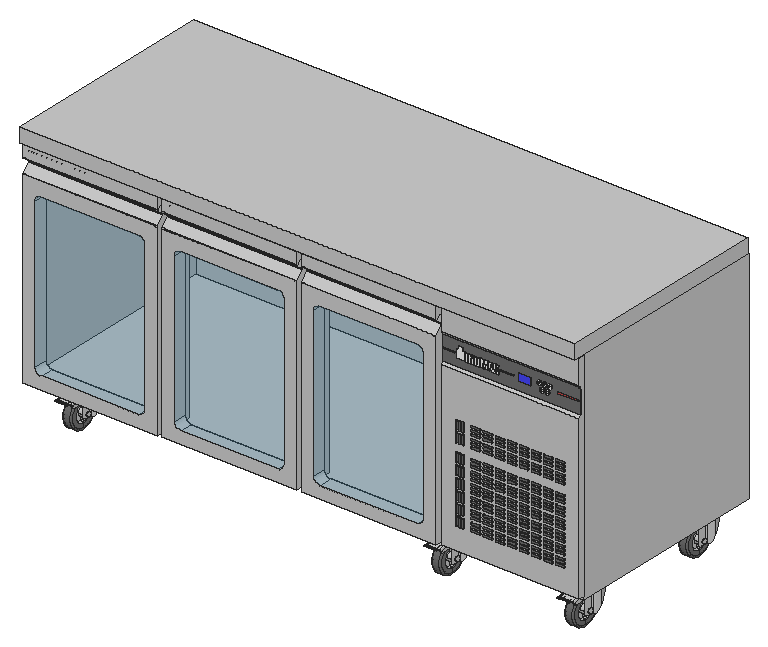
Revit family "QF_INOMAK_PNRP999_GL_250515033133", category Specialty Equipment, Revit 2021 (continued)
Definition of nested family "QF_INOMAK_REF_COUNTERS_CASTORS_9048"
  Definition of nested family "QF_INOMAK_CASTOR"
    Reference planes
      plane 1 "Center (Front/Back)": y = 0
      plane 2: z = 0
      plane 3 "Center (Left/Right)": x = 0
    Forms (mm)
      Extrusion 1, solid
        sketch origin (-55, 171.5, 124.5) x (1, 0, 0) y (0, 1, 0)
          loop
            line (12.5, -214) -> (97.5, -214)
            arc (97.5, -214) -> (104.571, -211.071) -> (107.5, -204) r 10
            line (107.5, -204) -> (107.5, -139)
            arc (107.5, -139) -> (104.571, -131.929) -> (97.5, -129) r 10
            line (97.5, -129) -> (12.5, -129)
            arc (12.5, -129) -> (5.429, -131.929) -> (2.5, -139) r 10
            line (2.5, -139) -> (2.5, -204)
            arc (2.5, -204) -> (5.429, -211.071) -> (12.5, -214) r 10
        from 0 to 5.5
      Extrusion 2, solid
        sketch origin (-55, 146, 24.5) x (1, 0, 0) y (0, 1, 0)
          loop
            circle (55, -146) r 36
          loop
            circle (55, -146) r 34
        from 12 to 100
      Extrusion 3, void
        sketch origin (-37.5, 146, -28.526) x (0, 1, 0) y (0, 0, 1)
          loop
            line (-105, 63.026) -> (-105, 139.692) -> (-158.75, 68.026)
            arc (-158.75, 68.026) -> (-160.956, 66.036) -> (-163.75, 65.026) r 7.727
            line (-163.75, 65.026) -> (-175, 65.026) -> (-175, 136.026) -> (-182, 136.026) -> (-182, 63.026) -> (-105, 63.026)
        from 0 to 75
      Revolve 4, solid
        sketch origin (0, -37.5, -3.552) x (1, 0, 0) y (0, 0, 1)
          loop
            arc (10, 3.552) -> (13.536, 5.016) -> (15, 8.552) r 5
            line (15, 8.552) -> (15, 22.052) -> (-15, 22.052) -> (-15, 8.552)
            arc (-15, 8.552) -> (-13.536, 5.016) -> (-10, 3.552) r 5
            line (-10, 3.552) -> (10, 3.552)
          axis (-15, 53.552) -> (15, 53.552)
        angle from 0 to 360
      Extrusion 5, solid
        sketch origin (-21.466, 171.5, -31.526) x (0, 1, 0) y (0, 0, 1)
          loop
            line (-200.5, 68.026) -> (-200.5, 139.026) -> (-224.5, 139.026) -> (-224.5, 76.026)
            arc (-224.5, 76.026) -> (-222.157, 70.369) -> (-216.5, 68.026) r 8
            line (-216.5, 68.026) -> (-200.5, 68.026)
        from -3.534 to -1.534
      Extrusion 6, solid
        sketch origin (-34, 171.5, -14) x (0, 1, 0) y (0, 0, 1)
          loop
            circle (-209, 64) r 12.5
        from 11 to 57
      Revolve 7, solid
        sketch origin (-55, -37.5, -3.552) x (1, 0, 0) y (0, 0, 1)
          loop
            arc (65, 22.052) -> (61.464, 23.516) -> (60, 27.052) r 5
            line (60, 27.052) -> (60, 53.526) -> (50, 53.526) -> (50, 27.052)
            arc (50, 27.052) -> (48.536, 23.516) -> (45, 22.052) r 5
            line (45, 22.052) -> (65, 22.052)
          axis (45, 53.526) -> (65, 53.526)
        angle from 0 to 360
      Extrusion 8, solid
        sketch origin (21.466, 171.5, -31.526) x (0, 1, 0) y (0, 0, -1)
          loop
            line (-200.5, -68.026) -> (-216.5, -68.026)
            arc (-216.5, -68.026) -> (-222.157, -70.369) -> (-224.5, -76.026) r 8
            line (-224.5, -76.026) -> (-224.5, -139.026) -> (-200.5, -139.026) -> (-200.5, -68.026)
        from -3.534 to -1.534
      Extrusion 9, solid
        sketch origin (250, -359.196, -27.974) x (1, 0, 0) y (0, 1, 0)
          loop
            line (-275, 330.196) -> (-273, 330.196)
            arc (-273, 330.196) -> (-273.274, 332.754) -> (-274.083, 335.196) r 12.082
            line (-274.083, 335.196) -> (-276.833, 335.196)
            arc (-276.833, 335.196) -> (-275.473, 332.858) -> (-275, 330.196) r 7.737
        from 64.474 to 135.474
      Extrusion 10, solid
        sketch origin (-250, -359.196, -27.974) x (-1, 0, 0) y (0, -1, 0)
          loop
            arc (-275, -330.196) -> (-275.473, -332.858) -> (-276.833, -335.196) r 7.737
            line (-276.833, -335.196) -> (-274.083, -335.196)
            arc (-274.083, -335.196) -> (-273.274, -332.754) -> (-273, -330.196) r 12.082
            line (-273, -330.196) -> (-275, -330.196)
        from 64.474 to 135.474
      Sweep 11, solid
        path origin (0, -359.196, -27.974) x (0, 1, 0) y (0, 0, 1)
          loop
            line (338.196, 135.474) -> (306.196, 135.474)
        profile origin (0, -37, 107.5) x (0, 0, -1) y (1, 0, 0)
          loop
            arc (-4, -21) -> (-2.828, -23.828) -> (0, -25) r 4
            line (0, -25) -> (0, -23)
            arc (0, -23) -> (-1.414, -22.414) -> (-2, -21) r 2
            line (-2, -21) -> (-2, 21)
            arc (-2, 21) -> (-1.414, 22.414) -> (0, 23) r 2
            line (0, 23) -> (0, 25)
            arc (0, 25) -> (-2.828, 23.828) -> (-4, 21) r 4
            line (-4, 21) -> (-4, -21)
      Extrusion 12, solid
        sketch origin (-31, -958.08, 50) x (0, 1, 0) y (0, 0, 1)
          loop
            line (924.33, -6.495) -> (928.08, 0) -> (924.33, 6.495) -> (916.83, 6.495) -> (913.08, 0) -> (916.83, -6.495) -> (924.33, -6.495)
        from 0 to 62
    Cuts and joins
      Extrusion 3 cuts Extrusion 2
      Extrusion 3 cuts Extrusion 9
      Extrusion 3 cuts Extrusion 10
    Dimensions and locks
      aligned and locked: level to plane 2
Definition of nested family "CONN_POINT_DRAIN_2D___Generic_Annotation"
  Parameters (values of type "CONN_POINT_DRAIN_2D___Generic_Annotation")
    Onboard connection annotation symbol visibility [instance] = yes
  Reference planes
    plane 1: y = 0
    plane 2: x = 0
  Lines and regions (mm)
    detail lines, visible <- "Onboard connection annotation symbol visibility"
      curve 1: circle (0, 0, 0) r 0.5 normal (0, 0, 1)
      curve 2: line (-1, 0, 0) -> (1, 0, 0)
      curve 3: line (0, 1, 0) -> (0, -1, 0)
      curve 4: line (1.776, 1, 0) -> (1.25, 1, 0)
      curve 5: line (1.25, 1, 0) -> (1.25, -1, 0)
      curve 6: line (1.25, -1, 0) -> (1.776, -1, 0)
      curve 7: arc (2.206, -0.862, 0) -> (2.459, -0.589, 0) -> (2.583, -0.238, 0) r 0.918
      curve 8: arc (2.583, 0.238, 0) -> (2.459, 0.589, 0) -> (2.206, 0.862, 0) r 0.918
      curve 9: arc (2.583, -0.238, 0) -> (2.599, 0, 0) -> (2.583, 0.238, 0) r 1.77
      curve 10: arc (2.206, 0.862, 0) -> (2.002, 0.965, 0) -> (1.776, 1, 0) r 0.741
      curve 11: arc (1.776, -1, 0) -> (2.002, -0.965, 0) -> (2.206, -0.862, 0) r 0.741
Definition of nested family "CONN_POINT_ELE_2D___Generic_Annotation"
  Parameters (values of type "CONN_POINT_ELE_2D___Generic_Annotation")
    Onboard connection annotation symbol visibility [instance] = yes
  Reference planes
    plane 1: y = 0
    plane 2: x = 0
  Lines and regions (mm)
    detail lines, visible <- "Onboard connection annotation symbol visibility"
      curve 1: circle (0, 0, 0) r 0.5 normal (0, 0, 1)
      curve 2: line (-1, 0, 0) -> (1, 0, 0)
      curve 3: line (0, 1, 0) -> (0, -1, 0)
      curve 4: line (2.5, 1, 0) -> (1.25, 1, 0)
      curve 5: line (1.25, 1, 0) -> (1.25, -1, 0)
      curve 6: line (1.25, -1, 0) -> (2.5, -1, 0)
      curve 7: line (1.25, 0, 0) -> (2, 0, 0)
